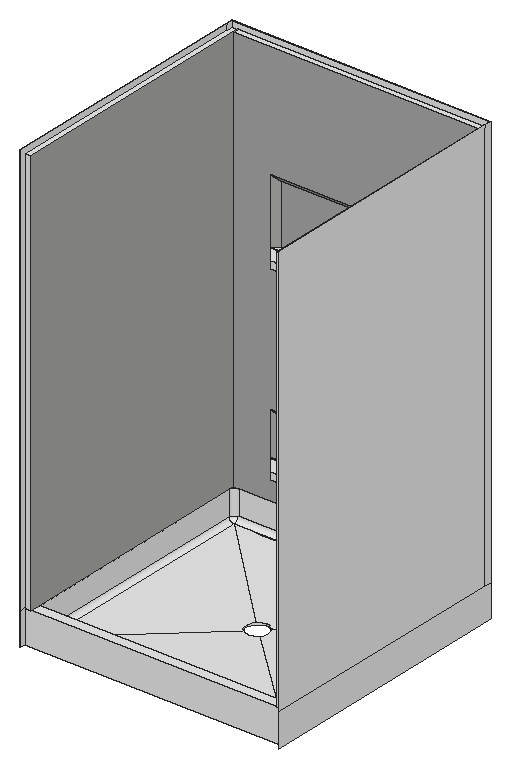
Revit family "4LBS4848", category Plumbing Fixtures, Revit 2016
Family settings
  Part Type = Normal
  Round Connector Dimension = Use Diameter
  OmniClass Number = 23.45.05.14.17
  OmniClass Title = Showers
  Work Plane-Based = No
  Always vertical = Yes
  Cut with Voids When Loaded = No
  Shared = No
  Room Calculation Point = No
Parameters (values of type "4LBS4848")
  Unit Width = 48"
  Unit Height = 82 1/2"
  Unit Depth = 49"
  URL = "http://www.bestbath.com/"
  Type Comments = "Remodeler"
  Model = "4LBS4848"
  Material [instance] = Best Bath Gelcoat Fiberglass - 4 x 8 Subway Tile
  Manufacturer = "best bath"
  Keynote = "22 40 00.B3"
  Description = "4 x 8 Subway Tile Finish"
  Assembly Code = "D2010710"
Reference planes (in)
  plane 1 "Back": y = -0.5
  plane 2: z = 0
  plane 3 "Left": x = 0
  plane 4: x = 48
  plane 5: y = -48.5
  plane 6: z = 81.5
  plane 7: z = 0.625
  plane 8: z = 82.5
  plane 9: x = 24
  plane 10: y = -1.75
  plane 11: y = -24.5
  plane 12: z = 0.25
  plane 13: z = 6
  plane 14: y = -49.5
  plane 15: z = 13.25
  plane 16: z = 48.25
  plane 17: z = 60.25
Forms (in)
  Extrusion 1, solid, material "Best Bath Gelcoat Fiberglass - Smooth"
    sketch origin (0, 0, 0) x (1, 0, 0) y (0, 1, 0)
      loop
        line (0, -0.5) -> (0, -48.5) -> (48, -48.5) -> (48, -0.5) -> (0, -0.5)
      loop
        circle (24, -24.5) r 2.0625
    from 0 to 0.625
  Extrusion 2, solid, material "Best Bath Gelcoat Fiberglass - Smooth"
    sketch origin (0, 0, 0) x (1, 0, 0) y (0, 1, 0)
      loop
        line (1.25, -0.5) -> (1.25, -1.75) -> (46.75, -1.75) -> (46.75, -0.5) -> (1.25, -0.5)
    from 6 to 81.5
  Extrusion 3, solid, material "Best Bath Gelcoat Fiberglass - Smooth"
    sketch origin (0, 0, 0) x (1, 0, 0) y (0, 1, 0)
      loop
        line (0, -48.5) -> (1.25, -48.5) -> (1.25, -2.75)
        arc (1.25, -2.75) -> (1.54289, -2.04289) -> (2.25, -1.75) r 1
        line (2.25, -1.75) -> (45.75, -1.75)
        arc (45.75, -1.75) -> (46.45711, -2.04289) -> (46.75, -2.75) r 1
        line (46.75, -2.75) -> (46.75, -48.5) -> (48, -48.5) -> (48, -0.5) -> (0, -0.5) -> (0, -48.5)
    from 0 to 6
  Extrusion 4, solid, material "Best Bath Gelcoat Fiberglass - Smooth"
    sketch origin (0, 0, 0) x (1, 0, 0) y (0, 1, 0)
      loop
        line (0.125, -48.5) -> (1.25, -48.5) -> (1.25, -0.625) -> (0.125, -0.625) -> (0.125, -48.5)
      loop
        line (46.75, -48.5) -> (47.875, -48.5) -> (47.875, -0.625) -> (46.75, -0.625) -> (46.75, -48.5)
    from 6 to 81.5
  Sweep 5, solid, material "Best Bath Gelcoat Fiberglass - Smooth"
    path origin (0, 0, 0) x (1, 0, 0) y (0, 1, 0)
      loop
        line (1.25, -48.5) -> (1.25, -2.75)
        arc (1.25, -2.75) -> (1.54289, -2.04289) -> (2.25, -1.75) r 1
        line (2.25, -1.75) -> (45.75, -1.75)
        arc (45.75, -1.75) -> (46.45711, -2.04289) -> (46.75, -2.75) r 1
        line (46.75, -2.75) -> (46.75, -48.5)
    profile origin (1.25, -25.625, 0) x (-1, 0, 0) y (0, 0, 1)
      loop
        line (0, 0.625) -> (0, 1.525)
        arc (0, 1.525) -> (-0.2636, 0.8886) -> (-0.9, 0.625) r 0.9
        line (-0.9, 0.625) -> (0, 0.625)
  Blend 6, void
    base sketch origin (0, 0, 0) x (1, 0, 0) y (0, 1, 0)
      loop
        line (2.25, -45.5) -> (45.75, -45.5) -> (45.75, -2.75) -> (2.25, -2.75) -> (2.25, -45.5)
    top sketch origin (0, 0, 0) x (1, 0, 0) y (0, 1, 0)
      loop
        circle (24, -24.5) r 0.05278
    from 0.625 to 0.25
  Sweep 7, solid, material "Best Bath Gelcoat Fiberglass - Smooth"
    path origin (0, 0, 0) x (1, 0, 0) y (0, 1, 0)
      loop
        line (1.25, -48.5) -> (46.75, -48.5)
    profile origin (24, -48.5, 0) x (0, 1, 0) y (0, 0, 1)
      loop
        line (0, 0) -> (3.11628, 0) -> (2, 6) -> (0, 6) -> (0, 0)
  Extrusion 8, solid, material "Best Bath Gelcoat Fiberglass - Smooth"
    sketch origin (0, 0, 0) x (1, 0, 0) y (0, 1, 0)
      loop
        line (0, -48.5) -> (0, -49.5) -> (0.125, -49.5) -> (0.125, -48.5) -> (0, -48.5)
      loop
        line (48, -48.5) -> (47.875, -48.5) -> (47.875, -49.5) -> (48, -49.5) -> (48, -48.5)
    from 0 to 6
  Extrusion 9, solid, material "Best Bath Gelcoat Fiberglass - Smooth"
    sketch origin (0, 0, 0) x (1, 0, 0) y (0, 1, 0)
      loop
        line (0, -0.5) -> (0, -1.75) -> (0.125, -1.75) -> (0.125, -0.625) -> (47.875, -0.625) -> (47.875, -1.75) -> (48, -1.75) -> (48, -0.5) -> (0, -0.5)
    from 6 to 82.5
  Extrusion 10, solid, material "Best Bath Gelcoat Fiberglass - Smooth"
    sketch origin (0, 0, 0) x (1, 0, 0) y (0, 1, 0)
      loop
        line (0, -49.5) -> (0.125, -49.5) -> (0.125, -1.75) -> (0, -1.75) -> (0, -49.5)
      loop
        line (48, -49.5) -> (48, -1.75) -> (47.875, -1.75) -> (47.875, -49.5) -> (48, -49.5)
    from 6 to 82.5
  Blend 11, solid, material "Best Bath Gelcoat Fiberglass - Smooth"
    base sketch origin (-29.75, -38, -29.625) x (1, 0, 0) y (0, 0, 1)
      loop
        line (69.5, 42.875) -> (38, 42.875) -> (38, 39.5) -> (69.5, 39.5) -> (69.5, 42.875)
    top sketch origin (-29.75, -38, -29.625) x (1, 0, 0) y (0, 0, 1)
      loop
        line (40.5, 42.875) -> (40.5, 41.4375) -> (67, 41.4375) -> (67, 42.875) -> (40.5, 42.875)
    from -36.25 to -33.25
  Blend 12, void
    base sketch origin (-33.95727, -38.25, -29.625) x (1, 0, 0) y (0, 0, 1)
      loop
        line (42.20727, 42.875) -> (73.70727, 42.875) -> (73.70727, 50.875) -> (42.20727, 50.875) -> (42.20727, 42.875)
    top sketch origin (-33.95727, -38.25, -29.625) x (1, 0, 0) y (0, 0, 1)
      loop
        line (43.20727, 42.875) -> (72.70727, 42.875) -> (72.70727, 49.875) -> (43.20727, 49.875) -> (43.20727, 42.875)
    from -36.5 to -37.5
  Blend 13, solid, material "Best Bath Gelcoat Fiberglass - Smooth"
    base sketch origin (-29.75, -38, 5.375) x (1, 0, 0) y (0, 0, 1)
      loop
        line (69.5, 42.875) -> (38, 42.875) -> (38, 39.5) -> (69.5, 39.5) -> (69.5, 42.875)
    top sketch origin (-29.75, -38, 5.375) x (1, 0, 0) y (0, 0, 1)
      loop
        line (40.5, 42.875) -> (40.5, 41.4375) -> (67, 41.4375) -> (67, 42.875) -> (40.5, 42.875)
    from -36.25 to -33.25
  Blend 14, void
    base sketch origin (-33.95727, -38.25, 5.375) x (1, 0, 0) y (0, 0, 1)
      loop
        line (42.20727, 42.875) -> (73.70727, 42.875) -> (73.70727, 54.875) -> (42.20727, 54.875) -> (42.20727, 42.875)
    top sketch origin (-33.95727, -38.25, 5.375) x (1, 0, 0) y (0, 0, 1)
      loop
        line (43.20727, 42.875) -> (72.70727, 42.875) -> (72.70727, 53.875) -> (43.20727, 53.875) -> (43.20727, 42.875)
    from -36.5 to -37.5
Cuts and joins
  Blend 6 cuts Extrusion 1
  Blend 6 cuts Extrusion 3
  Blend 6 cuts Sweep 5
  joined: Extrusion 1, Extrusion 3, Sweep 5, Sweep 7, Extrusion 8
  joined: Blend 11, Blend 13
  joined: Extrusion 4, Extrusion 10
  Blend 12, Blend 14 cuts Extrusion 2
  Blend 12, Blend 14 cuts Extrusion 9
  joined: Extrusion 2, Extrusion 9
Dimensions and locks (in)
  "Unit Width": plane 3 "Left" to plane 4
  locked: plane 7 to level at 0.625
  locked: plane 8 to plane 6 at 1
  "Unit Height": plane 8 to level
  equal spacing: plane 3 "Left", plane 9, plane 4
  plane 1 "Back" to plane 11 = 24"
  plane 10 to plane 1 "Back" = 1 1/4"
  locked: plane 7 to plane 12 at 0.375
  locked: plane 13 to level at 6
  locked: plane 5 to plane 14 at 1
  "Unit Depth": plane 14 to plane 1 "Back"
  plane 15 to plane 13 = 7 1/4"
  locked: plane 16 to plane 15 at 35
  plane 17 to plane 16 = 12"
  aligned and locked: level to plane 2
  aligned and locked: Extrusion 1 to plane 7
  aligned and locked: plane 5 to Extrusion 1 sketch curve
  aligned and locked: plane 4 to Extrusion 1 sketch curve
  aligned and locked: Extrusion 2 sketch curve to Extrusion 1
  aligned and locked: Extrusion 2 sketch curve to plane 10
  aligned and locked: plane 11 to Extrusion 1 sketch curve
  aligned and locked: plane 9 to Extrusion 1 sketch curve
  aligned and locked: plane 13 to Extrusion 3
  aligned and locked: Extrusion 2 to plane 13
  aligned and locked: plane 6 to Extrusion 2
  aligned and locked: Extrusion 4 to Extrusion 2
  aligned and locked: plane 6 to Extrusion 4
  aligned and locked: Sweep 5 sketch curve to plane 7
  aligned and locked: plane 11 to Blend 6 sketch curve
  aligned and locked: plane 9 to Blend 6 sketch curve
  aligned and locked: Extrusion 1 to Blend 6
  aligned and locked: Blend 6 to plane 12
  aligned and locked: Extrusion 8 to Extrusion 2
  aligned and locked: plane 8 to Extrusion 9
  aligned and locked: Extrusion 10 to plane 13
  aligned and locked: plane 8 to Extrusion 10
  aligned and locked: plane 15 to Blend 11
  aligned and locked: plane 16 to Blend 13
  aligned and locked: Extrusion 9 to plane 13
Automatic sketch dimensions
  Extrusion 1 sketch curve to plane 3 "Left" = 0"
  plane 1 "Back" to Extrusion 1 sketch curve = 0"
  plane 1 "Back" to Extrusion 3 sketch curve = 0"
  Extrusion 3 sketch curve to plane 3 "Left" = 0"
  Extrusion 3 sketch curve to plane 5 = 0"  (x2)
  Extrusion 3 sketch curve to plane 10 = 0"
  Extrusion 3 sketch curve to plane 4 = 0"
  plane 4 to Extrusion 3 sketch curve = 1 1/4"
  Extrusion 3 sketch curve to plane 10 = 1"
  plane 3 "Left" to Extrusion 3 sketch curve = 1 1/4"
  Extrusion 3 sketch curve to Extrusion 3 sketch curve = 1"
  Sweep 5 sketch curve to plane 10 = 0"
  plane 3 "Left" to Sweep 5 sketch curve = 1 1/4"
  Sweep 5 sketch curve to plane 10 = 1"  (x2)
  Sweep 5 sketch curve to plane 5 = 0"  (x2)
  plane 4 to Sweep 5 sketch curve = 2 1/4"
  Sweep 5 sketch curve to profile plane = 0"
  profile plane to Sweep 5 sketch curve = 0.9"
  Sweep 7 sketch curve to plane 5 = 0"
  plane 3 "Left" to Sweep 7 sketch curve = 1 1/4"
  plane 4 to Sweep 7 sketch curve = 1 1/4"
  Sweep 7 sketch curve to profile plane = 0"
  level to Sweep 7 sketch curve = 6"
  Sweep 7 sketch curve to profile plane = 3.11628"
  Sweep 7 sketch curve to profile plane = 2"
  level to Sweep 7 sketch curve = 0"
  Blend 6 sketch curve to plane 10 = 1"
  plane 3 "Left" to Blend 6 sketch curve = 2 1/4"
  plane 5 to Blend 6 sketch curve = 3"
  plane 4 to Blend 6 sketch curve = 2 1/4"
  Extrusion 8 sketch curve to plane 3 "Left" = 0"
  Extrusion 8 sketch curve to plane 14 = 0"  (x2)
  Extrusion 8 sketch curve to plane 5 = 0"  (x2)
  Extrusion 8 sketch curve to plane 4 = 0"
  plane 3 "Left" to Extrusion 8 sketch curve = 1/8"
  plane 4 to Extrusion 8 sketch curve = 1/8"
  plane 3 "Left" to Extrusion 2 sketch curve = 1 1/4"
  plane 4 to Extrusion 2 sketch curve = 1 1/4"
  Extrusion 10 sketch curve to plane 3 "Left" = 0"
  Extrusion 10 sketch curve to plane 14 = 0"  (x2)
  Extrusion 10 sketch curve to plane 10 = 0"  (x2)
  Extrusion 10 sketch curve to plane 4 = 0"
  plane 3 "Left" to Extrusion 10 sketch curve = 1/8"
  plane 4 to Extrusion 10 sketch curve = 1/8"
  plane 1 "Back" to Extrusion 9 sketch curve = 0"
  Extrusion 9 sketch curve to plane 3 "Left" = 0"
  Extrusion 9 sketch curve to plane 10 = 0"  (x2)
  Extrusion 9 sketch curve to plane 4 = 0"
  plane 3 "Left" to Extrusion 9 sketch curve = 1/8"
  Extrusion 9 sketch curve to Extrusion 9 sketch curve = 1/8"
  plane 1 "Back" to Extrusion 9 sketch curve = 1/8"
  Blend 14 sketch curve to plane 16 = 0"  (x2)
  Blend 14 sketch curve to plane 17 = 0"
  plane 3 "Left" to Blend 14 sketch curve = 8 1/4"
  plane 4 to Blend 14 sketch curve = 8 1/4"
  plane 3 "Left" to Blend 14 sketch curve = 9 1/4"
  Blend 14 sketch curve to plane 17 = 1"
  plane 4 to Blend 14 sketch curve = 9 1/4"
  Blend 13 sketch curve to plane 16 = 0"  (x2)
  plane 3 "Left" to Blend 13 sketch curve = 8 1/4"
  Blend 13 sketch curve to plane 16 = 3 3/8"
  plane 4 to Blend 13 sketch curve = 8 1/4"
  plane 3 "Left" to Blend 13 sketch curve = 10 3/4"
  Blend 13 sketch curve to plane 16 = 1 7/16"
  plane 4 to Blend 13 sketch curve = 10 3/4"
  Blend 12 sketch curve to plane 15 = 0"  (x2)
  plane 3 "Left" to Blend 12 sketch curve = 8 1/4"
  plane 4 to Blend 12 sketch curve = 8 1/4"
  Blend 12 sketch curve to Blend 12 sketch curve = 8"
  plane 3 "Left" to Blend 12 sketch curve = 9 1/4"
  plane 4 to Blend 12 sketch curve = 9 1/4"
  Blend 12 sketch curve to Blend 12 sketch curve = 7"
  Blend 11 sketch curve to plane 15 = 0"  (x2)
  plane 3 "Left" to Blend 11 sketch curve = 8 1/4"
  Blend 11 sketch curve to plane 15 = 3 3/8"
  plane 4 to Blend 11 sketch curve = 8 1/4"
  plane 3 "Left" to Blend 11 sketch curve = 10 3/4"
  Blend 11 sketch curve to plane 15 = 1 7/16"
  plane 4 to Blend 11 sketch curve = 10 3/4"
  Extrusion 4 sketch curve to plane 5 = 0"  (x2)
  plane 3 "Left" to Extrusion 4 sketch curve = 1/8"
  Extrusion 4 sketch curve to Extrusion 4 sketch curve = 1 1/8"
  plane 4 to Extrusion 4 sketch curve = 1 1/4"
  plane 4 to Extrusion 4 sketch curve = 1/8"
  plane 1 "Back" to Extrusion 4 sketch curve = 1/8"  (x2)
  radius of Extrusion 1 sketch curve = 2 1/16"
  radius of Blend 6 sketch curve = 0.05278"
